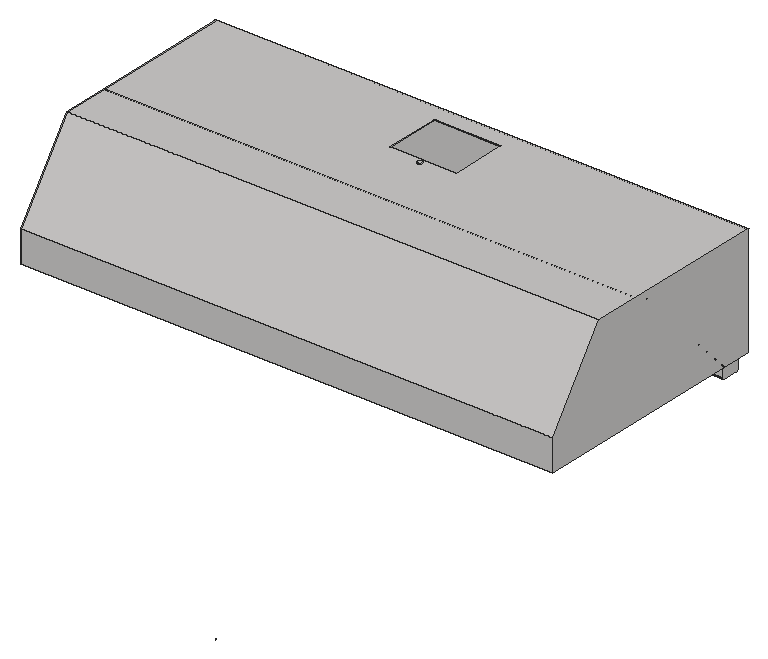
Revit family "QF_ELECTROLUXPROFESSIONAL_644223_ABPV1124BT", category Attrezzature speciali, Revit 2021
Family settings
  Quota connettore circolare = Usa diametro
  Tipo di parte = Normale
  Basato su piano di lavoro = No
  Sempre verticale = Sì
  Taglio con vuoti quando caricato = No
  Condiviso = No
  Punto di calcolo locali = No
Parameters (values of type "Standard")
  Weight = 74.00 kg
  Watts = 0 W
  Volts = 0 V
  URL Manufacturer = "https://www.electroluxprofessional.com/"
  URL = "https://www.electroluxprofessional.com/"
  Steam Supply Size = 0 mm
  Steam Supply Minimum Pressure = 0.0 Pa
  Steam Supply Maximum Pressure = 0.0 Pa
  Steam Consumption per Hour = 0
  Refrigeration Suction Line Size = 0 mm
  Refrigeration Liquid Line Size = 0 mm
  Refrigerant Compressor Remote = yes
  Prospetto di default = 0 mm
  Produttore = "Electrolux Professional"
  Phase = 0
  Modello = "ABPV1124BT"
  Length Actual = 2400 mm  # constant formula
  Item Number = "644223"
  Hot Water Size = 0 mm
  Height Actual = 500 mm  # constant formula
  HP = "0 HP"
  Gas Size = 0 mm
  Gas KW = 0
  Gas Input Pressure = 0 W
  Direct Waste Size = 0 mm
  Descrizione = "430 S/S WALL HOOD+FILTER+FAN 2400X1100MM"
  Depth Actual = 1100 mm  # constant formula
  Cycle = 50 Hz
  Condensate Return Size = 0 mm
  Compressed Air Volume = 0.0 L/s
  Compressed Air Size = 0 mm
  Compressed Air Pressure = 0.0 Pa
  Cold Water Size = 0 mm
  Accessory = yes
Reference planes
  plane 1 "Center (Front/Back)": y = 0
  plane 2: z = 0
  plane 3 "Center (Left/Right)": x = 150
  plane 4 "LEFT": x = -1050
  plane 5 "RIGHT": x = 1350
  plane 6 "BACK": y = 550
  plane 7 "FRONT": y = -550
  plane 8 "TOP": z = 2500
  plane 9 "Base": z = 2000
  plane 10: z = 1926
  plane 11 "DrainY": y = 485
  plane 12: x = -1047
  plane 13: through (0, 414.509, 2000.8) normal (0, 0.7314, 0.682)
  plane 14: y = 470
  plane 15: y = 220
  plane 16 "DrainX": x = 1230
  plane 17: x = 300
  plane 18: x = 0
  plane 19: x = 1347
  plane 20: x = 1140
  plane 21: x = 1320
  plane 22: x = -1010
  plane 23: x = -645
  plane 24: x = -450
  plane 25: x = 1310
  plane 26: x = 945
  plane 27: x = 750
  plane 28: x = -47.5
  plane 29: x = 347.5
  plane 30: z = 2140
  plane 31: y = -290
  plane 32: y = 200
Forms (mm)
  Extrusion 1, solid, material "QF_Finishes_Stainless Steel"
    sketch origin (-1050, 0, 360) x (0, 1, 0) y (0, 0, 1)
      loop
        line (550, 1640) -> (550, 2140) -> (-290, 2140) -> (-550, 1780) -> (-550, 1640) -> (550, 1640)
    from 0 to 3
  Extrusion 2, solid, material "QF_Finishes_Stainless Steel"
    sketch origin (150, 0, 360) x (0, 1, 0) y (0, 0, 1)
      loop
        line (415.255, 1640) -> (550, 1640) -> (550, 2139.19) -> (549.2, 2139.19) -> (549.2, 1640.8) -> (415.876, 1640.8) -> (339.347, 1722.867) -> (349.609, 1732.436) -> (348.927, 1733.167) -> (337.934, 1722.917) -> (415.255, 1640)
      loop
        line (-82.203, 2139.19) -> (-82.203, 2118.6) -> (-31.047, 2118.6) -> (34.354, 2048.466) -> (46.028, 2059.352) -> (45.346, 2060.083) -> (34.403, 2049.879) -> (-30.612, 2119.6) -> (-81.203, 2119.6) -> (-81.203, 2139.19) -> (-82.203, 2139.19)
    from -1197 to 1197
  Extrusion 3, solid, material "QF_Finishes_Stainless Steel"
    sketch origin (1350, 0, 360) x (0, 1, 0) y (0, 0, 1)
      loop
        line (550, 1640) -> (550, 2140) -> (-290, 2140) -> (-550, 1780) -> (-550, 1640) -> (550, 1640)
    from 0 to -3
  Extrusion 4, solid, material "QF_Finishes_Stainless Steel"
    sketch origin (150, 0, 360) x (0, 1, 0) y (0, 0, 1)
      loop
        line (-290, 2140) -> (-550, 1780) -> (-550, 1640) -> (-549.2, 1640) -> (-549.2, 1779.741) -> (-289.598, 2139.19) -> (550, 2139.19) -> (550, 2140) -> (-290, 2140)
    from -1200 to 1200
  Extrusion 5, solid, material "QF_Finishes_Stainless Steel"
    sketch origin (150, 0, 360) x (0, 1, 0) y (0, 0, 1)
      loop
        line (534, 1640) -> (436, 1640) -> (436, 1627) -> (443.5, 1627) -> (443.5, 1576)
        arc (443.5, 1576) -> (446.429, 1568.929) -> (453.5, 1566) r 10
        line (453.5, 1566) -> (516.5, 1566)
        arc (516.5, 1566) -> (523.571, 1568.929) -> (526.5, 1576) r 10
        line (526.5, 1576) -> (526.5, 1627) -> (534, 1627) -> (534, 1640)
    from 990 to 1170
  Extrusion 6, solid, material "QF_Finishes_Stainless Steel"
    sketch origin (0, 0, 2000) x (0, 1, 0) y (-1, 0, 0)
      loop
        circle (485, -1230) r 20
    from -76 to -74
  Extrusion 7, solid, material "QF_Finished_Chrome"
    sketch origin (150, 0, 360) x (0, 1, 0) y (0, 0, 1)
      loop
        line (337.934, 1722.917) -> (341.591, 1726.327) -> (38.011, 2051.876) -> (34.354, 2048.466) -> (337.934, 1722.917)
    from -795 to -1160
  Extrusion 8, solid, material "QF_Finished_Chrome"
    sketch origin (150, 0, 360) x (0, 1, 0) y (0, 0, 1)
      loop
        line (337.934, 1722.917) -> (341.591, 1726.327) -> (38.011, 2051.876) -> (34.354, 2048.466) -> (337.934, 1722.917)
    from -197.5 to -600
  Extrusion 9, solid, material "QF_Finishes_Stainless Steel"
    sketch origin (150, 0, 360) x (0, 1, 0) y (0, 0, 1)
      loop
        line (337.934, 1722.917) -> (341.591, 1726.327) -> (38.011, 2051.876) -> (34.354, 2048.466) -> (337.934, 1722.917)
    from 1197 to 1160
  Extrusion 10, solid, material "QF_Finishes_Stainless Steel"
    sketch origin (150, 0, 360) x (0, 1, 0) y (0, 0, 1)
      loop
        line (341.588, 1726.324) -> (38.009, 2051.874) -> (34.354, 2048.466) -> (337.934, 1722.917) -> (341.588, 1726.324)
    from -795 to -600
  Extrusion 11, solid, material "QF_Finished_Chrome"
    sketch origin (150, 0, 360) x (0, 1, 0) y (0, 0, 1)
      loop
        line (341.588, 1726.324) -> (38.009, 2051.874) -> (34.354, 2048.466) -> (337.934, 1722.917) -> (341.588, 1726.324)
    from 795 to 1160
  Extrusion 12, void
    sketch origin (0, 0, 2500) x (0, 1, 0) y (-1, 0, 0)
      loop
        line (470, 0) -> (220, 0) -> (220, -300) -> (470, -300) -> (470, 0)
    from 0 to -10
  Extrusion 13, solid, material "QF_Finishes_Stainless Steel"
    sketch origin (0, 0, 0) x (1, 0, 0) y (0, 1, 0)
      loop
        line (-1050, 550) -> (-1050, 549) -> (-1049, 549) -> (-1049, 550) -> (-1050, 550)
    from 0 to 1
  Extrusion 14, solid, material "QF_Finishes_Stainless Steel"
    sketch origin (150, 0, 360) x (0, 1, 0) y (0, 0, 1)
      loop
        line (337.934, 1722.917) -> (341.591, 1726.327) -> (38.011, 2051.876) -> (34.354, 2048.466) -> (337.934, 1722.917)
    from -1160 to -1197
  Extrusion 15, solid, material "QF_Finishes_Stainless Steel"
    sketch origin (150, 0, 360) x (0, 1, 0) y (0, 0, -1)
      loop
        line (341.588, -1726.324) -> (337.934, -1722.917) -> (34.354, -2048.466) -> (38.009, -2051.874) -> (341.588, -1726.324)
    from -795 to -600
  Extrusion 16, solid, material "QF_Finished_Chrome"
    sketch origin (150, 0, 360) x (0, 1, 0) y (0, 0, 1)
      loop
        line (337.934, 1722.917) -> (341.591, 1726.327) -> (38.011, 2051.876) -> (34.354, 2048.466) -> (337.934, 1722.917)
    from 600 to 197.5
  Extrusion 17, solid, material "QF_Finishes_Stainless Steel"
    sketch origin (150, 0, 360) x (0, 1, 0) y (0, 0, -1)
      loop
        line (341.588, -1726.324) -> (337.934, -1722.917) -> (34.354, -2048.466) -> (38.009, -2051.874) -> (341.588, -1726.324)
    from -197.5 to 197.5
  Extrusion 18, solid, material "QF_Finishes_Stainless Steel"
    sketch origin (0, 0, 2500) x (0, 1, 0) y (-1, 0, 0)
      loop
        circle (200, -150) r 10
    from 0 to 1.6
Cuts and joins
  Extrusion 12 cuts Extrusion 4
  joined: Extrusion 2, Extrusion 4
Lines and regions (mm)
  reference lines
    curve 1: line (150, 34.354, 2408.466) -> (150, 34.354, 2248.466)
  symbolic lines, style "SpecialityEquipment", detail levels coarse
    curve 2: line (1350, 550, 2500) -> (-1050, 550, 2500)
    curve 3: line (-1050, 550, 2500) -> (-1050, -550, 2500)
    curve 4: line (1350, -550, 2500) -> (1350, 550, 2500)
    curve 5: line (-1050, -550, 2500) -> (1350, -550, 2500)
    curve 6: line (0, 220, 2500) -> (300, 220, 2500)
    curve 7: line (0, 470, 2500) -> (0, 220, 2500)
    curve 8: line (300, 470, 2500) -> (0, 470, 2500)
    curve 9: line (300, 220, 2500) -> (300, 470, 2500)
    curve 10: line (1350, -289.598, 0) -> (-1050, -289.598, 0)
    curve 11: line (-1050, -289.598, 0) -> (1350, 550, 0)
    curve 12: line (-1050, 550, 0) -> (1350, -289.598, 0)
Dimensions and locks
  plane 4 "LEFT" to plane 5 "RIGHT" = 2400 mm
  equal spacing: plane 4 "LEFT", plane 3 "Center (Left/Right)", plane 5 "RIGHT"
  locked: plane 8 "TOP" to plane 9 "Base" at 500
  plane 9 "Base" to plane 10 = 74 mm
  plane 6 "BACK" to plane 11 "DrainY" = 65 mm  (x2)
  plane 4 "LEFT" to plane 12 = 3 mm
  plane 6 "BACK" to plane 14 = 80 mm
  plane 14 to plane 15 = 250 mm  (x2)
  plane 16 "DrainX" to plane 5 "RIGHT" = 120 mm
  plane 19 to plane 5 "RIGHT" = 3 mm
  locked: plane 20 to plane 16 "DrainX" at 90
  locked: plane 16 "DrainX" to plane 21 at 90
  plane 6 "BACK" to plane 7 "FRONT" = 1100 mm  (x2)
  equal spacing: plane 6 "BACK", plane 1 "Center (Front/Back)", plane 7 "FRONT"
  plane 15 to plane 7 "FRONT" = 770 mm
  plane 14 to plane 6 "BACK" = 80 mm
  locked: plane 4 "LEFT" to plane 22 at 40
  locked: plane 22 to plane 23 at 365
  locked: plane 23 to plane 24 at 195
  locked: plane 25 to plane 26 at 365
  locked: plane 26 to plane 27 at 195
  locked: plane 25 to plane 5 "RIGHT" at 40
  locked: plane 28 to plane 29 at 395
  equal spacing: plane 28, plane 3 "Center (Left/Right)", plane 29
  locked: plane 18 to plane 17 at 300
  equal spacing: plane 18, plane 3 "Center (Left/Right)", plane 17
  plane 24 to plane 28 = 402.5 mm
  plane 29 to plane 27 = 402.5 mm
  plane 30 to plane 9 "Base" = 140 mm
  plane 31 to plane 7 "FRONT" = 260 mm
  locked: plane 9 "Base" to level at 2000
  plane 15 to plane 32 = 20 mm
  aligned and locked: level to plane 2
  aligned and locked: Extrusion 2 to Extrusion 1
  aligned and locked: Extrusion 2 to Extrusion 3
  aligned and locked: plane 5 "RIGHT" to Extrusion 4
  aligned and locked: Extrusion 4 to plane 4 "LEFT"
  aligned and locked: plane 19 to Extrusion 9
  aligned and locked: plane 18 to Extrusion 12
  aligned and locked: Extrusion 12 to plane 17
  aligned and locked: Extrusion 12 to plane 15
  aligned and locked: Extrusion 12 to plane 14
  aligned and locked: Extrusion 2 to Extrusion 4
  aligned and locked: plane 21 to Extrusion 5
  aligned and locked: Extrusion 5 to plane 20
  aligned and locked: Extrusion 9 to plane 25
  aligned and locked: Extrusion 11 to plane 25
  aligned and locked: Extrusion 11 to plane 26
  aligned and locked: Extrusion 8 to plane 24
  aligned and locked: plane 24 to Extrusion 10
  aligned and locked: Extrusion 10 to plane 23
  aligned and locked: plane 23 to Extrusion 7
  aligned and locked: Extrusion 7 to plane 22
  aligned and locked: Extrusion 14 to plane 12
  aligned and locked: plane 22 to Extrusion 14
  aligned and locked: Extrusion 15 to plane 27
  aligned and locked: Extrusion 15 to plane 26
  aligned and locked: Extrusion 3 to plane 19
  aligned and locked: plane 28 to Extrusion 8
  aligned and locked: Extrusion 16 to plane 27
  aligned and locked: Extrusion 16 to plane 29
  aligned and locked: plane 29 to Extrusion 17
  aligned and locked: Extrusion 17 to plane 28
Automatic sketch dimensions
  curve 5 to plane 4 "LEFT" = 0 mm
  curve 5 to plane 7 "FRONT" = 0 mm
  curve 9 to plane 15 = 0 mm
  plane 14 to curve 8 = 0 mm
  curve 3 to plane 6 "BACK" = 0 mm
  curve 5 to plane 5 "RIGHT" = 0 mm
  curve 6 to plane 17 = 0 mm
  curve 6 to plane 18 = 0 mm
  Extrusion 2 sketch curve to plane 13 = 0 mm  (x3)
  Extrusion 2 sketch curve to plane 9 "Base" = 0 mm
  plane 13 to Extrusion 2 sketch curve = 0 mm
  Extrusion 2 sketch curve to plane 6 "BACK" = 0 mm
  Extrusion 2 sketch curve to Extrusion 2 sketch curve = 65.646 mm
  Extrusion 2 sketch curve to Extrusion 2 sketch curve = 0.682 mm  (x2)
  Extrusion 2 sketch curve to Extrusion 2 sketch curve = 10.261 mm
  plane 9 "Base" to Extrusion 2 sketch curve = 82.917 mm
  Extrusion 2 sketch curve to plane 1 "Center (Front/Back)" = 46.028 mm
  Extrusion 2 sketch curve to Extrusion 2 sketch curve = 10.942 mm
  Extrusion 2 sketch curve to Extrusion 2 sketch curve = 0.049 mm
  Extrusion 2 sketch curve to plane 8 "TOP" = 20.4 mm
  Extrusion 2 sketch curve to plane 8 "TOP" = 21.4 mm
  Extrusion 2 sketch curve to plane 8 "TOP" = 0.81 mm  (x2)
  Extrusion 2 sketch curve to Extrusion 2 sketch curve = 50.156 mm
  Extrusion 2 sketch curve to Extrusion 2 sketch curve = 1 mm
  plane 9 "Base" to Extrusion 2 sketch curve = 0.8 mm
  Extrusion 2 sketch curve to plane 6 "BACK" = 0.8 mm
  curve 1 to plane 13 = 0 mm
  curve 1 to plane 1 "Center (Front/Back)" = 34.354 mm
  Extrusion 5 sketch curve to plane 9 "Base" = 0 mm
  Extrusion 5 sketch curve to plane 10 = 0 mm
  Extrusion 5 sketch curve to plane 9 "Base" = 13 mm  (x2)
  plane 14 to Extrusion 5 sketch curve = 34 mm
  Extrusion 5 sketch curve to Extrusion 5 sketch curve = 7.5 mm  (x2)
  Extrusion 5 sketch curve to Extrusion 5 sketch curve = 10 mm
  plane 11 "DrainY" to Extrusion 5 sketch curve = 31.5 mm
  Extrusion 5 sketch curve to plane 6 "BACK" = 23.5 mm
  Extrusion 6 sketch curve to plane 11 "DrainY" = 0 mm
  Extrusion 6 sketch curve to plane 16 "DrainX" = 0 mm
  Extrusion 7 sketch curve to plane 13 = 0 mm  (x2)
  Extrusion 7 sketch curve to plane 1 "Center (Front/Back)" = 34.354 mm
  Extrusion 7 sketch curve to Extrusion 7 sketch curve = 3.657 mm
  plane 9 "Base" to Extrusion 7 sketch curve = 82.917 mm
  Extrusion 8 sketch curve to plane 13 = 0 mm  (x2)
  Extrusion 8 sketch curve to plane 1 "Center (Front/Back)" = 34.354 mm
  Extrusion 8 sketch curve to Extrusion 8 sketch curve = 3.657 mm
  plane 9 "Base" to Extrusion 8 sketch curve = 82.917 mm
  Extrusion 9 sketch curve to plane 13 = 0 mm  (x2)
  Extrusion 9 sketch curve to plane 1 "Center (Front/Back)" = 34.354 mm
  Extrusion 9 sketch curve to Extrusion 9 sketch curve = 3.657 mm
  plane 9 "Base" to Extrusion 9 sketch curve = 82.917 mm
  Extrusion 10 sketch curve to plane 13 = 0 mm  (x2)
  Extrusion 10 sketch curve to plane 1 "Center (Front/Back)" = 34.354 mm
  Extrusion 10 sketch curve to Extrusion 10 sketch curve = 3.655 mm
  plane 9 "Base" to Extrusion 10 sketch curve = 82.917 mm
  Extrusion 11 sketch curve to plane 13 = 0 mm  (x2)
  Extrusion 11 sketch curve to plane 1 "Center (Front/Back)" = 34.354 mm
  Extrusion 11 sketch curve to Extrusion 11 sketch curve = 3.655 mm
  plane 9 "Base" to Extrusion 11 sketch curve = 82.917 mm
  Extrusion 12 sketch curve to plane 15 = 0 mm
  plane 14 to Extrusion 12 sketch curve = 0 mm
  Extrusion 12 sketch curve to plane 17 = 0 mm
  Extrusion 12 sketch curve to plane 18 = 0 mm
  Extrusion 13 sketch curve to plane 4 "LEFT" = 0 mm
  Extrusion 13 sketch curve to plane 6 "BACK" = 0 mm
  plane 4 "LEFT" to Extrusion 13 sketch curve = 1 mm
  Extrusion 13 sketch curve to Extrusion 13 sketch curve = 1 mm
  Extrusion 14 sketch curve to plane 13 = 0 mm  (x2)
  Extrusion 14 sketch curve to plane 1 "Center (Front/Back)" = 34.354 mm
  Extrusion 14 sketch curve to Extrusion 14 sketch curve = 3.657 mm
  plane 9 "Base" to Extrusion 14 sketch curve = 82.917 mm
  Extrusion 15 sketch curve to plane 13 = 0 mm  (x2)
  Extrusion 15 sketch curve to plane 1 "Center (Front/Back)" = 34.354 mm
  Extrusion 15 sketch curve to Extrusion 15 sketch curve = 3.655 mm
  plane 9 "Base" to Extrusion 15 sketch curve = 82.917 mm
  Extrusion 16 sketch curve to plane 13 = 0 mm  (x2)
  Extrusion 16 sketch curve to plane 1 "Center (Front/Back)" = 34.354 mm
  Extrusion 16 sketch curve to Extrusion 16 sketch curve = 3.657 mm
  plane 9 "Base" to Extrusion 16 sketch curve = 82.917 mm
  Extrusion 17 sketch curve to plane 13 = 0 mm  (x2)
  Extrusion 17 sketch curve to plane 1 "Center (Front/Back)" = 34.354 mm
  Extrusion 17 sketch curve to Extrusion 17 sketch curve = 3.655 mm
  plane 9 "Base" to Extrusion 17 sketch curve = 82.917 mm
  curve 1 to curve 1 = 160 mm
  Extrusion 4 sketch curve to plane 7 "FRONT" = 0 mm
  Extrusion 4 sketch curve to plane 8 "TOP" = 0 mm
  Extrusion 4 sketch curve to plane 31 = 0 mm
  plane 31 to Extrusion 4 sketch curve = 0.402 mm
  Extrusion 4 sketch curve to plane 6 "BACK" = 0 mm
  Extrusion 4 sketch curve to plane 9 "Base" = 0 mm
  Extrusion 4 sketch curve to plane 30 = 0 mm
  Extrusion 4 sketch curve to plane 30 = 0.259 mm
  plane 7 "FRONT" to Extrusion 4 sketch curve = 0.8 mm
  Extrusion 4 sketch curve to Extrusion 4 sketch curve = 0.81 mm
  Extrusion 1 sketch curve to plane 7 "FRONT" = 0 mm
  Extrusion 1 sketch curve to plane 8 "TOP" = 0 mm
  Extrusion 1 sketch curve to plane 31 = 0 mm
  Extrusion 1 sketch curve to plane 6 "BACK" = 0 mm
  Extrusion 1 sketch curve to plane 9 "Base" = 0 mm
  Extrusion 1 sketch curve to plane 30 = 0 mm
  Extrusion 3 sketch curve to plane 7 "FRONT" = 0 mm
  Extrusion 3 sketch curve to plane 8 "TOP" = 0 mm
  Extrusion 3 sketch curve to plane 31 = 0 mm
  Extrusion 3 sketch curve to plane 6 "BACK" = 0 mm
  Extrusion 3 sketch curve to plane 9 "Base" = 0 mm
  Extrusion 3 sketch curve to plane 30 = 0 mm
  curve 10 to plane 4 "LEFT" = 0 mm
  curve 12 to plane 4 "LEFT" = 0 mm
  curve 11 to plane 5 "RIGHT" = 0 mm
  curve 10 to plane 5 "RIGHT" = 0 mm
  curve 12 to plane 6 "BACK" = 0 mm
  curve 11 to plane 6 "BACK" = 0 mm
  plane 31 to curve 11 = 0.402 mm
  Extrusion 18 sketch curve to plane 3 "Center (Left/Right)" = 0 mm
  plane 32 to Extrusion 18 sketch curve = 0 mm
  radius of Extrusion 6 sketch curve = 20 mm
  radius of Extrusion 18 sketch curve = 10 mm
Connectors
  piping at (1230, 485, 1924), diameter 20
    settings: on Extrusion 6, index 1, connector inside diameter 609.6 mm, connector length 0 mm, flow factor 0, pipe flow 0.0 L/s, pressure drop 0.0 Pa, fitting loss kfactor 0, connector angle 0.00°, fixture units 0, engagement length 0 mm, angle of deflection 0.00°, flow configuration 1, flow direction 2, fitting loss method 0, system type 16, joint type 0, gender type 0, connector reference index -1, connector utility 0, adjustable connector no, is connector primary yes, connector description "Drain"
  hvac at (150, 345, 2500)
    settings: on Extrusion 12, index 2, duct flow 0.0 L/s, flow factor 0, pres drop 0.0 Pa, loss coef 0, conn angle 0.00°, conn width 250 mm, conn height 300 mm, conn diameter 609.6 mm, duct sys type 3, conn prof type 1, flow config 1, flow direction 2, loss method 0, conn ref index -1, conn util no, is conn primary yes, conn desc "EXHAUST OUTLET"
  electrical at (150, 200, 2500)
    settings: on Extrusion 18, index 3, voltage 0 V, apparent load 0 VA, apparent load phase1 0 VA, apparent load phase2 0 VA, apparent load phase3 0 VA, power factor 1, load classification "Other", number of poles 1, system type 30, power factor state 1, is connector primary yes, connector utility no, sub classification motor no, connector description "Electrical Connection"
